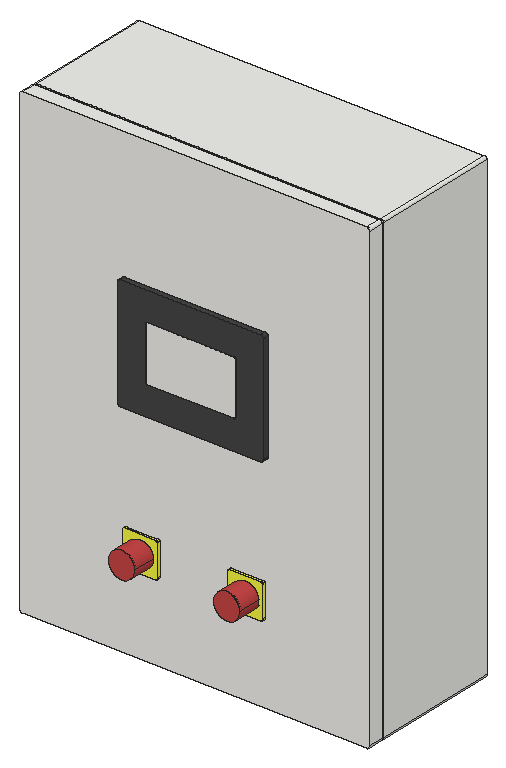
Revit family "COFFRET ELEC HOSPIVAC G EVISA", category Equipement de génie climatique, Revit 2018
Family settings
  Cote de connecteur circulaire = Utiliser le diamètre
  Classification = Aucun
  Type d'élément = Normal
  Basée sur le plan de construction = Non
  Toujours verticalement = Oui
  Couper avec des vides une fois chargée = Non
  Partagée = Non
  Point de calcul de pièce = Non
Parameters (values of type "COFFRET PM2 HOSPIVAC G4 E600.R")
  ØPE = 40 mm
  ØFIX = 12 mm
  ØDEPART = 20 mm
  ZONE_MAINTENANCE = yes
  TENSION_ALIM = 400 V
  PUISS_MOT_4 = 15 kW
  PUISS_MOT_3 = 15 kW
  PUISS_MOT = 15 kW
  PUISS_ELECT_2 = 30 kW
  PUISS_ELECT = 30 kW
  PUISS_APPARENTE_MOT_4 = PUISS_MOT_4 / 0.9  # 16666.7 VA
  PUISS_APPARENTE_MOT_3 = PUISS_MOT_3 / 0.9  # 16666.7 VA
  PUISS_APPARENTE_MOT = PUISS_MOT / 0.9  # 16666.7 VA
  PUISS_APPARENTE_2 = PUISS_ELECT_2 / 0.9  # 33333.3 VA
  PUISS_APPARENTE = PUISS_ELECT / 0.9  # 33333.3 VA
  PROTECTION_AMONT_Y = "Disjoncteur courbe D 80A"
  PROTECTION_AMONT_X = "Disjoncteur courbe D 80A"
  PROF_IG = 44 mm
  POIDS(Kg) = 0 mm
  OFFSET_LARG_PE = 185 mm
  OFFSET_HAUT_PM2 = 320 mm
  NEUTRE = yes
  NBR_POLES = 3
  Lien espace client = ""
  LONG_FIX = 555 mm
  LONG_COFF = 600 mm
  LONGUEUR = LONG_COFF  # 600 mm
  LARG_COFF = 250 mm
  LARGEUR = LARG_COFF  # 250 mm
  HAUT_PM2 = 195 mm
  HAUT_PE = 22.5 mm
  OFFSET_HAUT_IG = 165 mm
  HAUT_FIX = 755 mm
  HAUT_COFF = 800 mm
  HAUTEUR = 344 mm
  ENTRAXE_PE = 420 mm
  ENTRAXE_IG = 180 mm
  EMBASE_IG = 60 mm
  DOUBLE_ALIMENTATION = yes
  DESCR_ALIM_Y = "Alimentation Y ; 2x5G10mm²"
  DESCR_ALIM_X = "Alimentation X ; 2x5G10mm²"
  DESCR_ALIM_MOT_4 = "Puissance moteur ; 4G10mm²"
  DESCR_ALIM_MOT_3 = "Puissance moteur ; 4G10mm²"
  DESCR_ALIM_MOT = "Puissance moteur ; 4G10mm²"
  COS_PHI = 0.9
  BRANCHEMENT_TERRE = yes
Types (34, lengths in mm): name | PUISS_MOT_4 | PUISS_MOT_3 | PUISS_MOT | PUISS_ELECT_2 | PUISS_ELECT | PUISS_APPARENTE_MOT_4 | PUISS_APPARENTE_MOT_3 | PUISS_APPARENTE_MOT | PUISS_APPARENTE_2 | PUISS_APPARENTE | PROTECTION_AMONT_Y | PROTECTION_AMONT_X | OFFSET_LARG_PE | OFFSET_HAUT_PM2 | LONG_FIX | LARG_COFF | LARGEUR | OFFSET_HAUT_IG | HAUT_FIX | HAUT_COFF | ENTRAXE_PE | ENTRAXE_IG | DESCR_ALIM_Y | DESCR_ALIM_X | DESCR_ALIM_MOT_4 | DESCR_ALIM_MOT_3 | DESCR_ALIM_MOT
  (no name) | 15 kW | 15 kW | 15 kW | 30 kW | 30 kW | 16666.7 VA | 16666.7 VA | 16666.7 VA | 33333.3 VA | 33333.3 VA | "Disjoncteur courbe D 80A" | "Disjoncteur courbe D 80A" | 185 | 320 | 555 | 250 | 250 | 165 | 755 | 800 | 420 | 180 | "Alimentation Y ; 2x5G10mm²" | "Alimentation X ; 2x5G10mm²" | "Puissance moteur ; 4G10mm²" | "Puissance moteur ; 4G10mm²" | "Puissance moteur ; 4G10mm²"
  COFFRET PM2 HOSPIVAC G2 E025.R | 0 kW | 0 kW | 0.75 kW | 0.75 kW | 0.75 kW | 0 VA | 0 VA | 833.333 VA | 833.333 VA | 833.333 VA | "Disjoncteur courbe D 10A" | "Disjoncteur courbe D 10A" | 80 | 135 | 558 | 300 | 300 | 107.5 | 258 | 300 | 526 | 425 | "Alimentation Y ; 5G2.5mm²" | "Alimentation X ; 5G2.5mm²" | "Ne pas utiliser" | "Ne pas utiliser" | "Puissance moteur ; 4G2.5mm²"
  COFFRET PM2 HOSPIVAC G2 E040.R | 0 kW | 0 kW | 1.1 kW | 1.1 kW | 1.1 kW | 0 VA | 0 VA | 1222.22 VA | 1222.22 VA | 1222.22 VA | "Disjoncteur courbe D 10A" | "Disjoncteur courbe D 10A" | 80 | 135 | 558 | 300 | 300 | 107.5 | 258 | 300 | 526 | 425 | "Alimentation Y ; 5G2.5mm²" | "Alimentation X ; 5G2.5mm²" | "Ne pas utiliser" | "Ne pas utiliser" | "Puissance moteur ; 4G2.5mm²"
  COFFRET PM2 HOSPIVAC G2 E065.R | 0 kW | 0 kW | 1.5 kW | 1.5 kW | 1.5 kW | 0 VA | 0 VA | 1666.67 VA | 1666.67 VA | 1666.67 VA | "Disjoncteur courbe D 10A" | "Disjoncteur courbe D 10A" | 80 | 135 | 558 | 300 | 300 | 107.5 | 258 | 300 | 526 | 425 | "Alimentation Y ; 5G2.5mm²" | "Alimentation X ; 5G2.5mm²" | "Ne pas utiliser" | "Ne pas utiliser" | "Puissance moteur ; 4G2.5mm²"
  COFFRET PM2 HOSPIVAC G3 E025.R | 0 kW | 0.75 kW | 0.75 kW | 1.5 kW | 0.75 kW | 0 VA | 833.333 VA | 833.333 VA | 1666.67 VA | 833.333 VA | "Disjoncteur courbe D 10A" | "Disjoncteur courbe D 6A" | 80 | 135 | 558 | 300 | 300 | 107.5 | 258 | 300 | 526 | 425 | "Alimentation Y ; 5G2.5mm²" | "Alimentation X ; 5G2.5mm²" | "Ne pas utiliser" | "Puissance moteur ; 4G2.5mm²" | "Puissance moteur ; 4G2.5mm²"
  COFFRET PM2 HOSPIVAC G3 E040.R | 0 kW | 1.1 kW | 1.1 kW | 2.2 kW | 1.1 kW | 0 VA | 1222.22 VA | 1222.22 VA | 2444.44 VA | 1222.22 VA | "Disjoncteur courbe D 10A" | "Disjoncteur courbe D 6A" | 80 | 135 | 558 | 300 | 300 | 107.5 | 258 | 300 | 526 | 425 | "Alimentation Y ; 5G2.5mm²" | "Alimentation X ; 5G2.5mm²" | "Ne pas utiliser" | "Puissance moteur ; 4G2.5mm²" | "Puissance moteur ; 4G2.5mm²"
  COFFRET PM2 HOSPIVAC G3 E065.R | 0 kW | 1.5 kW | 1.5 kW | 3 kW | 1.5 kW | 0 VA | 1666.67 VA | 1666.67 VA | 3333.33 VA | 1666.67 VA | "Disjoncteur courbe D 16A" | "Disjoncteur courbe D 6A" | 80 | 135 | 558 | 300 | 300 | 107.5 | 258 | 300 | 526 | 425 | "Alimentation Y ; 5G2.5mm²" | "Alimentation X ; 5G2.5mm²" | "Ne pas utiliser" | "Puissance moteur ; 4G2.5mm²" | "Puissance moteur ; 4G2.5mm²"
  COFFRET PM2 HOSPIVAC G4 E100.R | 2.2 kW | 2.2 kW | 2.2 kW | 4.4 kW | 4.4 kW | 2444.44 VA | 2444.44 VA | 2444.44 VA | 4888.89 VA | 4888.89 VA | "Disjoncteur courbe D 16A" | "Disjoncteur courbe D 16A" | 185 | 320 | 555 | 250 | 250 | 165 | 755 | 800 | 420 | 180 | "Alimentation Y ; 5G2.5mm²" | "Alimentation X ; 5G2.5mm²" | "Puissance moteur ; 4G2.5mm²" | "Puissance moteur ; 4G2.5mm²" | "Puissance moteur ; 4G2.5mm²"
  COFFRET PM2 HOSPIVAC G4 E150.R | 3 kW | 3 kW | 3 kW | 6 kW | 6 kW | 3333.33 VA | 3333.33 VA | 3333.33 VA | 6666.67 VA | 6666.67 VA | "Disjoncteur courbe D 20A" | "Disjoncteur courbe D 20A" | 185 | 320 | 555 | 250 | 250 | 165 | 755 | 800 | 420 | 180 | "Alimentation Y ; 5G4mm²" | "Alimentation X ; 5G4mm²" | "Puissance moteur ; 4G2.5mm²" | "Puissance moteur ; 4G2.5mm²" | "Puissance moteur ; 4G2.5mm²"
  COFFRET PM2 HOSPIVAC G4 E300.R | 5.5 kW | 5.5 kW | 5.5 kW | 11 kW | 11 kW | 6111.11 VA | 6111.11 VA | 6111.11 VA | 12222.2 VA | 12222.2 VA | "Disjoncteur courbe D 32A" | "Disjoncteur courbe D 32A" | 185 | 320 | 555 | 250 | 250 | 165 | 755 | 800 | 420 | 180 | "Alimentation Y ; 5G10mm²" | "Alimentation X ; 5G10mm²" | "Puissance moteur ; 4G2.5mm²" | "Puissance moteur ; 4G2.5mm²" | "Puissance moteur ; 4G2.5mm²"
  COFFRET PM2 HOSPIVAC G2 E100.R | 0 kW | 0 kW | 2.2 kW | 2.2 kW | 2.2 kW | 0 VA | 0 VA | 2444.44 VA | 2444.44 VA | 2444.44 VA | "Disjoncteur courbe D 10A" | "Disjoncteur courbe D 10A" | 80 | 135 | 558 | 300 | 300 | 107.5 | 258 | 300 | 526 | 425 | "Alimentation Y ; 5G2.5mm²" | "Alimentation X ; 5G2.5mm²" | "Ne pas utiliser" | "Ne pas utiliser" | "Puissance moteur ; 4G2.5mm²"
  COFFRET PM2 HOSPIVAC G2 E150.R | 0 kW | 0 kW | 3 kW | 3 kW | 3 kW | 0 VA | 0 VA | 3333.33 VA | 3333.33 VA | 3333.33 VA | "Disjoncteur courbe D 10A" | "Disjoncteur courbe D 10A" | 80 | 135 | 558 | 300 | 300 | 107.5 | 258 | 300 | 526 | 425 | "Alimentation Y ; 5G2.5mm²" | "Alimentation X ; 5G2.5mm²" | "Ne pas utiliser" | "Ne pas utiliser" | "Puissance moteur ; 4G2.5mm²"
  COFFRET PM2 HOSPIVAC G2 E200.R | 0 kW | 0 kW | 4 kW | 4 kW | 4 kW | 0 VA | 0 VA | 4444.44 VA | 4444.44 VA | 4444.44 VA | "Disjoncteur courbe D 16A" | "Disjoncteur courbe D 16A" | 80 | 135 | 558 | 300 | 300 | 107.5 | 258 | 300 | 526 | 425 | "Alimentation Y ; 5G2.5mm²" | "Alimentation X ; 5G2.5mm²" | "Ne pas utiliser" | "Ne pas utiliser" | "Puissance moteur ; 4G2.5mm²"
  COFFRET PM2 HOSPIVAC G2 E300.R | 0 kW | 0 kW | 5.5 kW | 5.5 kW | 5.5 kW | 0 VA | 0 VA | 6111.11 VA | 6111.11 VA | 6111.11 VA | "Disjoncteur courbe D 16A" | "Disjoncteur courbe D 16A" | 80 | 135 | 558 | 300 | 300 | 107.5 | 258 | 300 | 526 | 425 | "Alimentation Y ; 5G2.5mm²" | "Alimentation X ; 5G2.5mm²" | "Ne pas utiliser" | "Ne pas utiliser" | "Puissance moteur ; 4G2.5mm²"
  COFFRET PM2 HOSPIVAC G2 E350.R | 0 kW | 0 kW | 7.5 kW | 7.5 kW | 7.5 kW | 0 VA | 0 VA | 8333.33 VA | 8333.33 VA | 8333.33 VA | "Disjoncteur courbe D 25A" | "Disjoncteur courbe D 25A" | 80 | 135 | 558 | 300 | 300 | 107.5 | 258 | 300 | 526 | 425 | "Alimentation Y ; 5G4mm²" | "Alimentation X ; 5G4mm²" | "Ne pas utiliser" | "Ne pas utiliser" | "Puissance moteur ; 4G4mm²"
  COFFRET PM2 HOSPIVAC G2 E400.R | 0 kW | 0 kW | 9 kW | 9 kW | 9 kW | 0 VA | 0 VA | 10000 VA | 10000 VA | 10000 VA | "Disjoncteur courbe D 32A" | "Disjoncteur courbe D 32A" | 80 | 135 | 558 | 300 | 300 | 107.5 | 258 | 300 | 526 | 425 | "Alimentation Y ; 5G6mm²" | "Alimentation X ; 5G6mm²" | "Ne pas utiliser" | "Ne pas utiliser" | "Puissance moteur ; 4G6mm²"
  COFFRET PM2 HOSPIVAC G2 E500.R | 0 kW | 0 kW | 11 kW | 11 kW | 11 kW | 0 VA | 0 VA | 12222.2 VA | 12222.2 VA | 12222.2 VA | "Disjoncteur courbe D 32A" | "Disjoncteur courbe D 32A" | 80 | 135 | 558 | 300 | 300 | 107.5 | 258 | 300 | 526 | 425 | "Alimentation Y ; 5G6mm²" | "Alimentation X ; 5G6mm²" | "Ne pas utiliser" | "Ne pas utiliser" | "Puissance moteur ; 4G6mm²"
  COFFRET PM2 HOSPIVAC G2 E600.R | 0 kW | 0 kW | 15 kW | 15 kW | 15 kW | 0 VA | 0 VA | 16666.7 VA | 16666.7 VA | 16666.7 VA | "Disjoncteur courbe D 40A" | "Disjoncteur courbe D 40A" | 80 | 135 | 558 | 300 | 300 | 107.5 | 258 | 300 | 526 | 425 | "Alimentation Y ; 5G10mm²" | "Alimentation X ; 5G10mm²" | "Ne pas utiliser" | "Ne pas utiliser" | "Puissance moteur ; 4G10mm²"
  COFFRET PM2 HOSPIVAC G3 E100.R | 0 kW | 2.2 kW | 2.2 kW | 4.4 kW | 2.2 kW | 0 VA | 2444.44 VA | 2444.44 VA | 4888.89 VA | 2444.44 VA | "Disjoncteur courbe D 16A" | "Disjoncteur courbe D 10A" | 80 | 135 | 558 | 300 | 300 | 107.5 | 258 | 300 | 526 | 425 | "Alimentation Y ; 5G2.5mm²" | "Alimentation X ; 5G2.5mm²" | "Ne pas utiliser" | "Puissance moteur ; 4G2.5mm²" | "Puissance moteur ; 4G2.5mm²"
  COFFRET PM2 HOSPIVAC G3 E150.R | 0 kW | 3 kW | 3 kW | 6 kW | 3 kW | 0 VA | 3333.33 VA | 3333.33 VA | 6666.67 VA | 3333.33 VA | "Disjoncteur courbe D 20A" | "Disjoncteur courbe D 10A" | 80 | 135 | 558 | 300 | 300 | 107.5 | 258 | 300 | 526 | 425 | "Alimentation Y ; 5G4mm²" | "Alimentation X ; 5G2.5mm²" | "Ne pas utiliser" | "Puissance moteur ; 4G2.5mm²" | "Puissance moteur ; 4G2.5mm²"
  COFFRET PM2 HOSPIVAC G3 E200.R | 0 kW | 4 kW | 4 kW | 8 kW | 4 kW | 0 VA | 4444.44 VA | 4444.44 VA | 8888.89 VA | 4444.44 VA | "Disjoncteur courbe D 25A" | "Disjoncteur courbe D 16A" | 80 | 135 | 558 | 300 | 300 | 107.5 | 258 | 300 | 526 | 425 | "Alimentation Y ; 5G6mm²" | "Alimentation X ; 5G2.5mm²" | "Ne pas utiliser" | "Puissance moteur ; 4G2.5mm²" | "Puissance moteur ; 4G2.5mm²"
  COFFRET PM2 HOSPIVAC G3 E300.R | 0 kW | 5.5 kW | 5.5 kW | 11 kW | 5.5 kW | 0 VA | 6111.11 VA | 6111.11 VA | 12222.2 VA | 6111.11 VA | "Disjoncteur courbe D 32A" | "Disjoncteur courbe D 16A" | 80 | 135 | 558 | 300 | 300 | 107.5 | 258 | 300 | 526 | 425 | "Alimentation Y ; 5G10mm²" | "Alimentation X ; 5G2.5mm²" | "Ne pas utiliser" | "Puissance moteur ; 4G2.5mm²" | "Puissance moteur ; 4G2.5mm²"
  COFFRET PM2 HOSPIVAC G3 E350.R | 0 kW | 7.5 kW | 7.5 kW | 15 kW | 7.5 kW | 0 VA | 8333.33 VA | 8333.33 VA | 16666.7 VA | 8333.33 VA | "Disjoncteur courbe D 50A" | "Disjoncteur courbe D 25A" | 80 | 135 | 558 | 300 | 300 | 107.5 | 258 | 300 | 526 | 425 | "Alimentation Y ; 5G16mm²" | "Alimentation X ; 5G4mm²" | "Ne pas utiliser" | "Puissance moteur ; 4G4mm²" | "Puissance moteur ; 4G4mm²"
  COFFRET PM2 HOSPIVAC G3 E400.R | 0 kW | 9 kW | 9 kW | 18 kW | 9 kW | 0 VA | 10000 VA | 10000 VA | 20000 VA | 10000 VA | "Disjoncteur courbe D 63A" | "Disjoncteur courbe D 32A" | 80 | 135 | 558 | 300 | 300 | 107.5 | 258 | 300 | 526 | 425 | "Alimentation Y ; 5G16mm²" | "Alimentation X ; 5G6mm²" | "Ne pas utiliser" | "Puissance moteur ; 4G6mm²" | "Puissance moteur ; 4G6mm²"
  COFFRET PM2 HOSPIVAC G3 E500.R | 0 kW | 11 kW | 11 kW | 22 kW | 11 kW | 0 VA | 12222.2 VA | 12222.2 VA | 24444.4 VA | 12222.2 VA | "Disjoncteur courbe D 63A" | "Disjoncteur courbe D 32A" | 80 | 135 | 558 | 300 | 300 | 107.5 | 258 | 300 | 526 | 425 | "Alimentation Y ; 2x5G6mm²" | "Alimentation X ; 5G6mm²" | "Ne pas utiliser" | "Puissance moteur ; 4G6mm²" | "Puissance moteur ; 4G6mm²"
  COFFRET PM2 HOSPIVAC G3 E600.R | 0 kW | 15 kW | 15 kW | 30 kW | 15 kW | 0 VA | 16666.7 VA | 16666.7 VA | 33333.3 VA | 16666.7 VA | "Disjoncteur courbe D 80A" | "Disjoncteur courbe D 40A" | 80 | 135 | 558 | 300 | 300 | 107.5 | 258 | 300 | 526 | 425 | "Alimentation Y ; 2x5G10mm²" | "Alimentation X ; 5G10mm²" | "Ne pas utiliser" | "Puissance moteur ; 4G10mm²" | "Puissance moteur ; 4G10mm²"
  COFFRET PM2 HOSPIVAC G4 E025.R | 0.75 kW | 0.75 kW | 0.75 kW | 1.5 kW | 1.5 kW | 833.333 VA | 833.333 VA | 833.333 VA | 1666.67 VA | 1666.67 VA | "Disjoncteur courbe D 10A" | "Disjoncteur courbe D 10A" | 185 | 320 | 555 | 250 | 250 | 165 | 755 | 800 | 420 | 180 | "Alimentation Y ; 5G2.5mm²" | "Alimentation X ; 5G2.5mm²" | "Puissance moteur ; 4G2.5mm²" | "Puissance moteur ; 4G2.5mm²" | "Puissance moteur ; 4G2.5mm²"
  COFFRET PM2 HOSPIVAC G4 E040.R | 1.1 kW | 1.1 kW | 1.1 kW | 2.2 kW | 2.2 kW | 1222.22 VA | 1222.22 VA | 1222.22 VA | 2444.44 VA | 2444.44 VA | "Disjoncteur courbe D 10A" | "Disjoncteur courbe D 10A" | 185 | 320 | 555 | 250 | 250 | 165 | 755 | 800 | 420 | 180 | "Alimentation Y ; 5G2.5mm²" | "Alimentation X ; 5G2.5mm²" | "Puissance moteur ; 4G2.5mm²" | "Puissance moteur ; 4G2.5mm²" | "Puissance moteur ; 4G2.5mm²"
  COFFRET PM2 HOSPIVAC G4 E065.R | 1.5 kW | 1.5 kW | 1.5 kW | 3 kW | 3 kW | 1666.67 VA | 1666.67 VA | 1666.67 VA | 3333.33 VA | 3333.33 VA | "Disjoncteur courbe D 16A" | "Disjoncteur courbe D 16A" | 185 | 320 | 555 | 250 | 250 | 165 | 755 | 800 | 420 | 180 | "Alimentation Y ; 5G2.5mm²" | "Alimentation X ; 5G2.5mm²" | "Puissance moteur ; 4G2.5mm²" | "Puissance moteur ; 4G2.5mm²" | "Puissance moteur ; 4G2.5mm²"
  COFFRET PM2 HOSPIVAC G4 E200.R | 4 kW | 4 kW | 4 kW | 8 kW | 8 kW | 4444.44 VA | 4444.44 VA | 4444.44 VA | 8888.89 VA | 8888.89 VA | "Disjoncteur courbe D 25A" | "Disjoncteur courbe D 25A" | 185 | 320 | 555 | 250 | 250 | 165 | 755 | 800 | 420 | 180 | "Alimentation Y ; 5G6mm²" | "Alimentation X ; 5G6mm²" | "Puissance moteur ; 4G2.5mm²" | "Puissance moteur ; 4G2.5mm²" | "Puissance moteur ; 4G2.5mm²"
  COFFRET PM2 HOSPIVAC G4 E400.R | 9 kW | 9 kW | 9 kW | 18 kW | 18 kW | 10000 VA | 10000 VA | 10000 VA | 20000 VA | 20000 VA | "Disjoncteur courbe D 63A" | "Disjoncteur courbe D 63A" | 185 | 320 | 555 | 250 | 250 | 165 | 755 | 800 | 420 | 180 | "Alimentation Y ; 5G16mm²" | "Alimentation X ; 5G16mm²" | "Puissance moteur ; 4G6mm²" | "Puissance moteur ; 4G6mm²" | "Puissance moteur ; 4G6mm²"
  COFFRET PM2 HOSPIVAC G4 E350.R | 7.5 kW | 7.5 kW | 7.5 kW | 15 kW | 15 kW | 8333.33 VA | 8333.33 VA | 8333.33 VA | 16666.7 VA | 16666.7 VA | "Disjoncteur courbe D 50A" | "Disjoncteur courbe D 50A" | 185 | 320 | 555 | 250 | 250 | 165 | 755 | 800 | 420 | 180 | "Alimentation Y ; 5G16mm²" | "Alimentation X ; 5G16mm²" | "Puissance moteur ; 4G4mm²" | "Puissance moteur ; 4G4mm²" | "Puissance moteur ; 4G4mm²"
  COFFRET PM2 HOSPIVAC G4 E500.R | 11 kW | 11 kW | 11 kW | 22 kW | 22 kW | 12222.2 VA | 12222.2 VA | 12222.2 VA | 24444.4 VA | 24444.4 VA | "Disjoncteur courbe D 63A" | "Disjoncteur courbe D 63A" | 185 | 320 | 555 | 250 | 250 | 165 | 755 | 800 | 420 | 180 | "Alimentation Y ; 2x5G6mm²" | "Alimentation X ; 2x5G6mm²" | "Puissance moteur ; 4G6mm²" | "Puissance moteur ; 4G6mm²" | "Puissance moteur ; 4G6mm²"
  COFFRET PM2 HOSPIVAC G4 E600.R | 15 kW | 15 kW | 15 kW | 30 kW | 30 kW | 16666.7 VA | 16666.7 VA | 16666.7 VA | 33333.3 VA | 33333.3 VA | "Disjoncteur courbe D 80A" | "Disjoncteur courbe D 80A" | 185 | 320 | 555 | 250 | 250 | 165 | 755 | 800 | 420 | 180 | "Alimentation Y ; 2x5G10mm²" | "Alimentation X ; 2x5G10mm²" | "Puissance moteur ; 4G10mm²" | "Puissance moteur ; 4G10mm²" | "Puissance moteur ; 4G10mm²"
Reference planes
  plane 1 "Centre (avant/arrière)": y = 0
  plane 2: z = 0
  plane 3 "Centre (gauche/droite)": x = 0
  plane 4: x = -545
  plane 5: x = -545
  plane 6: x = -245
  plane 7: x = -300
  plane 8: x = 300
  plane 9: z = 800
  plane 10: y = -250
  plane 11: y = -259
  plane 12: x = -125
  plane 13: x = 125
  plane 14: z = 577.5
  plane 15: z = 382.5
  plane 16: z = 480
  plane 17: z = 165
  plane 18: x = -90
  plane 19: x = 90
  plane 20: y = -294
  plane 21: y = -220
  plane 22: y = -225
  plane 23: y = -185
  plane 24: x = -210
  plane 25: x = 210
  plane 26: z = -22.5
  plane 27: z = 777.5
  plane 28: x = 277.5
  plane 29: x = -277.5
  plane 30: z = 22.5
  plane 31: z = 400
Forms (mm)
  Extrusion 1, solid, not visible
    sketch origin (-671.698, -1524, 268) x (-1, 0, 0) y (0, -1, 0)
      loop
        circle (-126.698, -1132) r 25
    from 0 to 17
  Extrusion 2, solid, not visible
    sketch origin (-671.698, -1524, 268) x (-1, 0, 0) y (0, -1, 0)
      loop
        circle (-126.698, -1132) r 25
    from 0 to 17
  Extrusion 3, solid, not visible
    sketch origin (-371.698, -1524, 268) x (-1, 0, 0) y (0, -1, 0)
      loop
        circle (-126.698, -1132) r 25
    from 0 to 17
  Extrusion 4, solid, material "BLANC MILS"
    sketch origin (0, 0, 0) x (1, 0, 0) y (0, 0, 1)
      loop
        arc (-295, 800) -> (-298.536, 798.536) -> (-300, 795) r 5
        line (-300, 795) -> (-300, 5)
        arc (-300, 5) -> (-298.536, 1.464) -> (-295, 0) r 5
        line (-295, 0) -> (295, 0)
        arc (295, 0) -> (298.536, 1.464) -> (300, 5) r 5
        line (300, 5) -> (300, 795)
        arc (300, 795) -> (298.536, 798.536) -> (295, 800) r 5
        line (295, 800) -> (-295, 800)
    from 0 to 250
  Extrusion 5, solid, material "NOIR MILS"
    sketch origin (-631.035, -250, 1200) x (-1, 0, 0) y (0, 0, 1)
      loop
        line (-511.035, -622.5) -> (-751.035, -622.5)
        arc (-751.035, -622.5) -> (-754.57, -623.964) -> (-756.035, -627.5) r 5
        line (-756.035, -627.5) -> (-756.035, -812.5)
        arc (-756.035, -812.5) -> (-754.57, -816.036) -> (-751.035, -817.5) r 5
        line (-751.035, -817.5) -> (-511.035, -817.5)
        arc (-511.035, -817.5) -> (-507.499, -816.036) -> (-506.035, -812.5) r 5
        line (-506.035, -812.5) -> (-506.035, -627.5)
        arc (-506.035, -627.5) -> (-507.499, -623.964) -> (-511.035, -622.5) r 5
    from 0 to -9
  Extrusion 6, void
    sketch origin (-121.853, -259, 1200) x (1, 0, 0) y (0, 0, 1)
      loop
        arc (48.353, -672.5) -> (45.525, -673.672) -> (44.353, -676.5) r 4
        line (44.353, -676.5) -> (44.353, -763.5)
        arc (44.353, -763.5) -> (45.525, -766.328) -> (48.353, -767.5) r 4
        line (48.353, -767.5) -> (195.353, -767.5)
        arc (195.353, -767.5) -> (198.182, -766.328) -> (199.353, -763.5) r 4
        line (199.353, -763.5) -> (199.353, -676.5)
        arc (199.353, -676.5) -> (198.182, -673.672) -> (195.353, -672.5) r 4
        line (195.353, -672.5) -> (48.353, -672.5)
    from 0 to -2.971
  Extrusion 7, solid, material "ROUGE MILS"
    sketch origin (-631.035, -250, 1200) x (-1, 0, 0) y (0, 0, 1)
      loop
        circle (-541.035, -1035) r 22.5
      loop
        circle (-721.035, -1035) r 22.5
    from 0 to -44
  Extrusion 8, solid, material "JAUNE MILS"
    sketch origin (-631.035, -250, 1200) x (-1, 0, 0) y (0, 0, 1)
      loop
        line (-514.035, -1005) -> (-568.035, -1005)
        arc (-568.035, -1005) -> (-570.156, -1005.879) -> (-571.035, -1008) r 3
        line (-571.035, -1008) -> (-571.035, -1062)
        arc (-571.035, -1062) -> (-570.156, -1064.121) -> (-568.035, -1065) r 3
        line (-568.035, -1065) -> (-514.035, -1065)
        arc (-514.035, -1065) -> (-511.913, -1064.121) -> (-511.035, -1062) r 3
        line (-511.035, -1062) -> (-511.035, -1008)
        arc (-511.035, -1008) -> (-511.913, -1005.879) -> (-514.035, -1005) r 3
      loop
        line (-694.035, -1005) -> (-748.035, -1005)
        arc (-748.035, -1005) -> (-750.156, -1005.879) -> (-751.035, -1008) r 3
        line (-751.035, -1008) -> (-751.035, -1062)
        arc (-751.035, -1062) -> (-750.156, -1064.121) -> (-748.035, -1065) r 3
        line (-748.035, -1065) -> (-694.035, -1065)
        arc (-694.035, -1065) -> (-691.913, -1064.121) -> (-691.035, -1062) r 3
        line (-691.035, -1062) -> (-691.035, -1008)
        arc (-691.035, -1008) -> (-691.913, -1005.879) -> (-694.035, -1005) r 3
    from 0 to -5
  Extrusion 9, void
    sketch origin (-333.866, -220, 1200) x (1, 0, 0) y (0, 0, 1)
      loop
        line (628.866, -400) -> (38.866, -400)
        arc (38.866, -400) -> (35.331, -401.464) -> (33.866, -405) r 5
        line (33.866, -405) -> (33.866, -1195)
        arc (33.866, -1195) -> (35.331, -1198.536) -> (38.866, -1200) r 5
        line (38.866, -1200) -> (628.866, -1200)
        arc (628.866, -1200) -> (632.402, -1198.536) -> (633.866, -1195) r 5
        line (633.866, -1195) -> (633.866, -405)
        arc (633.866, -405) -> (632.402, -401.464) -> (628.866, -400) r 5
      loop
        line (618.866, -415) -> (48.866, -415) -> (48.866, -1185) -> (618.866, -1185) -> (618.866, -415)
    from 0 to 5
  Extrusion 10, solid, material "LOGO MILS"
    sketch origin (-631.035, -259, 1200) x (1, 0, 0) y (0, 0, 1)
      loop
        line (704.535, -672.5) -> (557.535, -672.5)
        arc (557.535, -672.5) -> (554.706, -673.672) -> (553.535, -676.5) r 4
        line (553.535, -676.5) -> (553.535, -763.5)
        arc (553.535, -763.5) -> (554.706, -766.328) -> (557.535, -767.5) r 4
        line (557.535, -767.5) -> (704.535, -767.5)
        arc (704.535, -767.5) -> (707.363, -766.328) -> (708.535, -763.5) r 4
        line (708.535, -763.5) -> (708.535, -676.5)
        arc (708.535, -676.5) -> (707.363, -673.672) -> (704.535, -672.5) r 4
    from 0 to -2.971
  Extrusion 11, solid, material "BLANC MILS"
    sketch origin (0, 0, 0) x (1, 0, 0) y (0, 1, 0)
      loop
        circle (-210, -185) r 20
      loop
        circle (210, -185) r 20
    from 0 to -22.5
  Extrusion 12, void
    sketch origin (0, 0, 0) x (-1, 0, 0) y (0, 0, 1)
      loop
        circle (-277.5, 777.5) r 6
      loop
        circle (-277.5, 22.5) r 6
      loop
        circle (277.5, 22.5) r 6
      loop
        circle (277.5, 777.5) r 6
    from 0 to -185
  Extrusion 13, void
    sketch origin (0, 0, 0) x (0, 1, 0) y (1, 0, 0)
      loop
        circle (-185, -150) r 10
      loop
        circle (-185, 150) r 10
    from 0 to -22.5
  Extrusion 14, void
    sketch origin (0, 0, 0) x (0, 1, 0) y (1, 0, 0)
      loop
        circle (-185, -120) r 10
    from 0 to -22.5
  Extrusion 15, void
    sketch origin (0, 0, 0) x (0, 1, 0) y (1, 0, 0)
      loop
        circle (-185, 120) r 10
    from 0 to -22.5
Cuts and joins
  Extrusion 6, Extrusion 9, Extrusion 12, Extrusion 13, Extrusion 14, Extrusion 15 cuts Extrusion 4
  Extrusion 6 cuts Extrusion 5
Dimensions and locks
  equal spacing: plane 8, plane 3 "Centre (gauche/droite)", plane 7
  "LONG_COFF": plane 8 to plane 7
  "HAUT_COFF": plane 9 to level
  "LARG_COFF": plane 10 to plane 1 "Centre (avant/arrière)"
  locked: plane 10 to plane 11 at 9
  equal spacing: plane 12, plane 3 "Centre (gauche/droite)", plane 13
  locked: plane 12 to plane 13 at 250
  equal spacing: plane 14, plane 16, plane 15
  "OFFSET_HAUT_PM2": plane 9 to plane 16
  "HAUT_PM2": plane 14 to plane 15
  locked: Extrusion 6 sketch curve to Extrusion 6 sketch curve at 155
  locked: Extrusion 6 sketch curve to Extrusion 6 sketch curve at 95
  equal spacing: Extrusion 6 sketch curve, plane 3 "Centre (gauche/droite)", Extrusion 6 sketch curve
  equal spacing: Extrusion 6 sketch curve, plane 16, Extrusion 6 sketch curve
  "OFFSET_HAUT_IG": plane 17 to level
  equal spacing: plane 19, plane 3 "Centre (gauche/droite)", plane 18
  "ENTRAXE_IG": plane 19 to plane 18
  "PROF_IG": plane 10 to plane 20
  equal spacing: Extrusion 8 sketch curve, plane 18, Extrusion 8 sketch curve
  "EMBASE_IG": Extrusion 8 sketch curve to Extrusion 8 sketch curve  (x4)
  equal spacing: Extrusion 8 sketch curve, plane 17, Extrusion 8 sketch curve  (x2)
  equal spacing: Extrusion 8 sketch curve, plane 19, Extrusion 8 sketch curve
  locked: plane 21 to plane 22 at 5
  locked: plane 22 to plane 10 at 25
  locked: cut or joined group of Extrusion 4, Extrusion 6, Extrusion 9, Extrusion 12, Extrusion 13, Extrusion 14, Extrusion 15 to Extrusion 9 sketch curve at 15
  "OFFSET_LARG_PE": plane 23 to plane 1 "Centre (avant/arrière)"
  equal spacing: plane 24, plane 3 "Centre (gauche/droite)", plane 25
  "ENTRAXE_PE": plane 24 to plane 25
  "HAUT_PE": level to plane 26
  equal spacing: plane 29, plane 3 "Centre (gauche/droite)", plane 28
  "LONG_FIX": plane 29 to plane 28
  equal spacing: plane 30, plane 31, plane 27
  equal spacing: level, plane 31, plane 9
  "HAUT_FIX": plane 30 to plane 27
  locked: Extrusion 13 sketch curve to plane 3 "Centre (gauche/droite)" at 150
  plane 3 "Centre (gauche/droite)" to Extrusion 13 sketch curve = 150 mm
  locked: Extrusion 14 sketch curve to plane 3 "Centre (gauche/droite)" at 120
  locked: plane 3 "Centre (gauche/droite)" to Extrusion 15 sketch curve at 120
  radius of Extrusion 1 sketch curve = 25 mm
  radius of Extrusion 2 sketch curve = 25 mm
  radius of Extrusion 3 sketch curve = 25 mm
  radius of Extrusion 5 sketch curve = 5 mm  (x4)
  radius of Extrusion 6 sketch curve = 4 mm  (x4)
  diameter of Extrusion 7 sketch curve = 45 mm  (x2)
  radius of Extrusion 8 sketch curve = 3 mm  (x8)
  radius of Extrusion 4 sketch curve = 5 mm  (x4)
  radius of Extrusion 10 sketch curve = 4 mm  (x4)
  "ØPE": diameter of Extrusion 11 sketch curve  (x2)
  "ØFIX": diameter of Extrusion 12 sketch curve  (x4)
  "ØDEPART": diameter of Extrusion 13 sketch curve  (x2)
  "ØDEPART": diameter of Extrusion 14 sketch curve
  "ØDEPART": diameter of Extrusion 15 sketch curve
  aligned and locked: level to plane 2
  aligned and locked: level to Extrusion 4 sketch curve
  aligned and locked: Extrusion 4 sketch curve to plane 8
  aligned and locked: plane 7 to Extrusion 4 sketch curve
  aligned and locked: Extrusion 4 sketch curve to plane 9
  aligned and locked: Extrusion 4 to plane 1 "Centre (avant/arrière)"
  aligned and locked: Extrusion 4 to plane 10
  aligned and locked: Extrusion 5 sketch curve to plane 14
  aligned and locked: plane 12 to Extrusion 5 sketch curve
  aligned and locked: Extrusion 5 sketch curve to plane 13
  aligned and locked: plane 15 to Extrusion 5 sketch curve
  aligned and locked: Extrusion 5 to plane 11
  aligned and locked: plane 10 to Extrusion 5
  aligned and locked: plane 18 to Extrusion 7 sketch curve
  aligned and locked: plane 17 to Extrusion 7 sketch curve  (x2)
  aligned and locked: plane 19 to Extrusion 7 sketch curve
  aligned and locked: Extrusion 7 to plane 20
  aligned and locked: Extrusion 9 sketch curve to cut or joined group of Extrusion 4, Extrusion 6, Extrusion 9, Extrusion 12, Extrusion 13, Extrusion 14, Extrusion 15  (x4)
  aligned and locked: Extrusion 9 to plane 22
  aligned and locked: Extrusion 9 sketch curve to Extrusion 9 sketch curve  (x3)
  aligned and locked: Extrusion 10 sketch curve to cut or joined group of Extrusion 5, Extrusion 6
  aligned and locked: Extrusion 10 to cut or joined group of Extrusion 5, Extrusion 6
  aligned and locked: plane 23 to Extrusion 11 sketch curve  (x2)
  aligned and locked: Extrusion 11 sketch curve to plane 24
  aligned and locked: Extrusion 11 sketch curve to plane 25
  aligned and locked: Extrusion 11 to plane 26
  aligned and locked: plane 27 to Extrusion 12 sketch curve  (x2)
  aligned and locked: plane 28 to Extrusion 12 sketch curve  (x2)
  aligned and locked: plane 29 to Extrusion 12 sketch curve  (x2)
  aligned and locked: plane 30 to Extrusion 12 sketch curve  (x2)
  aligned and locked: Extrusion 12 to plane 23
  aligned and locked: plane 23 to Extrusion 13 sketch curve  (x2)
  aligned and locked: plane 30 to Extrusion 13
  aligned and locked: plane 23 to Extrusion 14 sketch curve
  aligned and locked: plane 30 to Extrusion 14
  aligned and locked: plane 23 to Extrusion 15 sketch curve
  aligned and locked: plane 30 to Extrusion 15
Automatic sketch dimensions
  Extrusion 9 sketch curve to Extrusion 9 sketch curve = 10 mm  (x3)
  Extrusion 10 sketch curve to Extrusion 5 = 47.5 mm
  Extrusion 10 sketch curve to Extrusion 10 sketch curve = 147 mm
  Extrusion 10 sketch curve to Extrusion 10 sketch curve = 87 mm
Connectors
  electrical at (-210, -185, -22.5), driven by "TENSION_ALIM", driven by "PUISS_APPARENTE", driven by "COS_PHI", driven by "DESCR_ALIM_X", driven by "NBR_POLES"
    settings: on Extrusion 11, index 1, voltage 400 V, apparent load 33333.3 VA, apparent load phase1 0 VA, apparent load phase2 0 VA, apparent load phase3 0 VA, power factor 0.9, load classification "Puissance", number of poles 3, system type 30, power factor state 1, is connector primary yes, connector utility yes, sub classification motor no, connector description "Alimentation X ; 2x5G10mm²"
  electrical at (-150, -185, 22.5), driven by "NBR_POLES", driven by "TENSION_ALIM", driven by "PUISS_APPARENTE_MOT", driven by "COS_PHI", driven by "DESCR_ALIM_MOT"
    settings: on cut or joined group of Extrusion 4, Extrusion 6, Extrusion 9, Extrusion 12, Extrusion 13, Extrusion 14, Extrusion 15, index 2, voltage 400 V, apparent load 16666.7 VA, apparent load phase1 0 VA, apparent load phase2 0 VA, apparent load phase3 0 VA, power factor 0.9, load classification "Moteur", number of poles 3, system type 30, power factor state 1, is connector primary no, connector utility no, sub classification motor no, connector description "Puissance moteur ; 4G10mm²"
  electrical at (-120, -185, 22.5), driven by "NBR_POLES", driven by "TENSION_ALIM", driven by "PUISS_APPARENTE_MOT_4", driven by "COS_PHI", driven by "DESCR_ALIM_MOT_4"
    settings: on cut or joined group of Extrusion 4, Extrusion 6, Extrusion 9, Extrusion 12, Extrusion 13, Extrusion 14, Extrusion 15, index 3, voltage 400 V, apparent load 16666.7 VA, apparent load phase1 0 VA, apparent load phase2 0 VA, apparent load phase3 0 VA, power factor 0.9, load classification "Moteur", number of poles 3, system type 30, power factor state 1, is connector primary no, connector utility no, sub classification motor no, connector description "Puissance moteur ; 4G10mm²"
  electrical at (120, -185, 22.5), driven by "NBR_POLES", driven by "TENSION_ALIM", driven by "PUISS_APPARENTE_MOT", driven by "COS_PHI", driven by "DESCR_ALIM_MOT_3"
    settings: on cut or joined group of Extrusion 4, Extrusion 6, Extrusion 9, Extrusion 12, Extrusion 13, Extrusion 14, Extrusion 15, index 4, voltage 400 V, apparent load 16666.7 VA, apparent load phase1 0 VA, apparent load phase2 0 VA, apparent load phase3 0 VA, power factor 0.9, load classification "Moteur", number of poles 3, system type 30, power factor state 1, is connector primary no, connector utility no, sub classification motor no, connector description "Puissance moteur ; 4G10mm²"
  electrical at (150, -185, 22.5), driven by "NBR_POLES", driven by "TENSION_ALIM", driven by "PUISS_APPARENTE_MOT_3", driven by "COS_PHI", driven by "DESCR_ALIM_MOT"
    settings: on cut or joined group of Extrusion 4, Extrusion 6, Extrusion 9, Extrusion 12, Extrusion 13, Extrusion 14, Extrusion 15, index 5, voltage 400 V, apparent load 16666.7 VA, apparent load phase1 0 VA, apparent load phase2 0 VA, apparent load phase3 0 VA, power factor 0.9, load classification "Moteur", number of poles 3, system type 30, power factor state 1, is connector primary no, connector utility no, sub classification motor no, connector description "Puissance moteur ; 4G10mm²"
  electrical at (210, -185, -22.5), driven by "NBR_POLES", driven by "TENSION_ALIM", driven by "PUISS_APPARENTE_2", driven by "COS_PHI", driven by "DESCR_ALIM_Y"
    settings: on Extrusion 11, index 6, voltage 400 V, apparent load 33333.3 VA, apparent load phase1 0 VA, apparent load phase2 0 VA, apparent load phase3 0 VA, power factor 0.9, load classification "Puissance", number of poles 3, system type 30, power factor state 1, is connector primary no, connector utility yes, sub classification motor no, connector description "Alimentation Y ; 2x5G10mm²"
